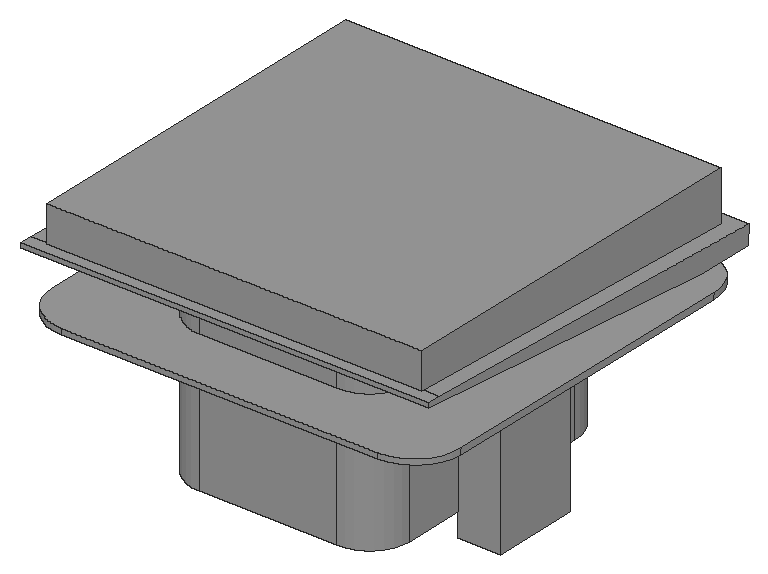
Revit family "Gira_126200", category Electrical Fixtures, host Face, Revit 2017
Family settings
  Host = Face
  Maintain Annotation Orientation = Yes
  Round Connector Dimension = Use Diameter
  Part Type = Normal
  Cut with Voids When Loaded = No
  Shared = No
  Room Calculation Point = No
Parameters (values of type "Call btn 1-g door st. Gira TX_44 (WP FM)")
  URL = "http://katalog.gira.de/en/datenblatt.html?artikelnr=126200"
  Suitable for = "Outdoor station"
  Name = "Call btn 1-g door st. Gira TX_44 (WP FM)"
  Material = "Other"
  Manufacturer URL = "https://www.gira.de/"
  Manufacturer = "Gira"
  Keynote = ""
  HeinzeBIM = "https://bimportal.heinze.de/bim/call-btn-1-g-door-st-gira-tx-44-wp-fm-/1f3cb5c28f39349994fee78ce8bc4f383a46ae68"
  HAN = "126200"
  GTIN = "4010337262008"
  Description = "C.btn 1g door st. TX_44,Call Button, 1-gang for Door Station,,Program-neutral,Features:,- Installation in a conventional flush-mounted device box.,- Fits in the cover frames of the Gira TX_44 switch range.,- Modular design, allowing easy installation and expandability.,- Signal transmission and supply of the audio and video components via reverse-polarity-protected and short-circuit-proof 2-wire bus.,- The door station can be extended with an additional call button (up to 14 call button inserts, 1- or 3-gang can be connected to one door station).,- Call button LED lamps, white light. Even, clearly visible call-button illumination is achieved via maintenance-free, energy-saving LED technology.,- Sprayed-water proof call-button cover plate made of shock-resistant plastic.,- Name plate can be exchanged without tools and without frame disassembly.,- Professional labelling is available from the Gira Inscription Service www.marking.gira.com or using the Gira inscription software."
  Default Elevation = 1219.2 mm
  Data sheet (1) = "https://katalog.gira.de/en/download.html?artikelnr=126200"
  Category = "Mounting accessories for door communication"
  BIM (1) = "https://media.stage.bim.site/public/gira/36a6b08/TX44_Komplettgerät_Schalten und Tasten.rfa?public/gira/36a6b08/TX44_Komplettgerät_Schalten und Tasten.rfa"
  Available = "No"
Reference planes
  plane 1 "Center (Front/Back)": y = 0
  plane 2 "Reference Level 0": z = 0
  plane 3 "Center (Left/Right)": x = 0
  plane 4: z = -28.6
Forms (mm)
  Extrusion 1, solid, material "Default", detail levels fine
    sketch origin (0, 0, 0) x (1, 0, 0) y (0, 1, 0)
      loop
        line (-32.604, 32.5) -> (-32.604, -32.5) -> (32.735, -32.5) -> (32.735, 32.5) -> (-32.604, 32.5)
    from 0 to 12.3
  Extrusion 2, solid, material "Default", detail levels fine
    sketch origin (0, 0, 0) x (0, 1, 0) y (0, 0, 1)
      loop
        line (35, 3.483) -> (-32.2, 6) -> (-34.55, 6) -> (-34.536, 5.199) -> (24.886, 0) -> (34.939, 0) -> (35, 3.483)
    from -35.5 to 35.5
  Extrusion 3, void
    sketch origin (0, 0, 0) x (0, 1, 0) y (0, 0, 1)
      loop
        line (42.419, 3.205) -> (-32.2, 6) -> (-42.193, 6) -> (-42.193, -11.826) -> (42.419, -11.826) -> (42.419, 3.205)
    from -64.194 to 61.264
  Extrusion 4, solid, material "Default", detail levels fine
    sketch origin (0, 0, 0) x (1, 0, 0) y (0, 1, 0)
      loop
        arc (35.5, 27.5) -> (33.157, 33.157) -> (27.5, 35.5) r 8
        line (27.5, 35.5) -> (-27.5, 35.5)
        arc (-27.5, 35.5) -> (-33.157, 33.157) -> (-35.5, 27.5) r 8
        line (-35.5, 27.5) -> (-35.5, -27.5)
        arc (-35.5, -27.5) -> (-33.157, -33.157) -> (-27.5, -35.5) r 8
        line (-27.5, -35.5) -> (27.5, -35.5)
        arc (27.5, -35.5) -> (33.157, -33.157) -> (35.5, -27.5) r 8
        line (35.5, -27.5) -> (35.5, 27.5)
    from -4.1 to -5.1
  Extrusion 5, solid, material "Default", detail levels fine
    sketch origin (0, 0, 0) x (1, 0, 0) y (0, 1, 0)
      loop
        arc (-12, 25) -> (-16.95, 22.95) -> (-19, 18) r 7
        line (-19, 18) -> (-19, -18)
        arc (-19, -18) -> (-16.95, -22.95) -> (-12, -25) r 7
        line (-12, -25) -> (12, -25)
        arc (12, -25) -> (16.95, -22.95) -> (19, -18) r 7
        line (19, -18) -> (19, 18)
        arc (19, 18) -> (16.95, 22.95) -> (12, 25) r 7
        line (12, 25) -> (-12, 25)
    from 4.692 to -28.6
  Extrusion 6, solid, material "Default", detail levels fine
    sketch origin (0, 0, 0) x (1, 0, 0) y (0, 1, 0)
      loop
        line (-26.5, -7.5) -> (-19, -7.5) -> (-19, 7.5) -> (-26.5, 7.5) -> (-26.5, -7.5)
    from -5.1 to -32.6
  Extrusion 7, solid, material "Default", detail levels fine
    sketch origin (0, 0, 0) x (-1, 0, 0) y (0, -1, 0)
      loop
        line (-26.5, 7.5) -> (-26.5, -7.5) -> (-19, -7.5) -> (-19, 7.5) -> (-26.5, 7.5)
    from -5.1 to -32.6
  Extrusion 8, solid, material "Default", detail levels medium
    sketch origin (0, 0, 0) x (1, 0, 0) y (0, 1, 0)
      loop
        line (-32.604, 32.5) -> (-32.604, -32.5) -> (32.735, -32.5) -> (32.735, 32.5) -> (-32.604, 32.5)
    from 0 to 12.3
  Extrusion 9, solid, material "Default", detail levels medium
    sketch origin (0, 0, 0) x (0, 1, 0) y (0, 0, 1)
      loop
        line (35, 3.483) -> (-32.2, 6) -> (-34.55, 6) -> (-34.445, 0) -> (34.939, 0) -> (35, 3.483)
    from -35.5 to 35.5
  Extrusion 10, solid, material "Default", detail levels medium
    sketch origin (0, 0, 0) x (1, 0, 0) y (0, 1, 0)
      loop
        line (-26.5, 25) -> (-26.5, -25) -> (26.5, -25) -> (26.5, 25) -> (-26.5, 25)
    from 4.692 to -32.6
  Extrusion 11, solid, material "Default", detail levels medium
    sketch origin (0, 0, 0) x (1, 0, 0) y (0, 1, 0)
      loop
        line (35.5, 35.5) -> (-35.5, 35.5) -> (-35.5, -35.5) -> (35.5, -35.5) -> (35.5, 35.5)
    from -4.1 to -5.1
  Extrusion 12, solid, material "Default", detail levels coarse
    sketch origin (0, 0, 0) x (1, 0, 0) y (0, 1, 0)
      loop
        line (35.5, 35.5) -> (-35.5, 35.5) -> (-35.5, -35.5) -> (35.5, -35.5) -> (35.5, 35.5)
    from -32.6 to 12.3
Cuts and joins
  Extrusion 3 cuts Extrusion 1
  joined: Extrusion 1, Extrusion 2, Extrusion 4, Extrusion 5, Extrusion 6, Extrusion 7
Dimensions and locks
  Extrusion 12 to Extrusion 12 = 44.9 mm
  aligned and locked: plane 2 "Reference Level 0" to host face
  aligned and locked: level to host face
  aligned and locked: plane 3 "Center (Left/Right)" to nested 1
  aligned and locked: plane 1 "Center (Front/Back)" to nested 1
Nested families
  nested 1: "Schalter" at (0, 0, 0), type "Schalter"
Connectors
  electrical at (0, 0, -32.6)
    settings: on Extrusion 12, index 1, voltage 220 V, apparent load 0 VA, apparent load phase1 0 VA, apparent load phase2 0 VA, apparent load phase3 0 VA, power factor 1, load classification "Other", number of poles 1, system type 30, power factor state 1, is connector primary yes, connector utility no, sub classification motor no, connector description ""
Definition of nested family "Schalter"
  Reference planes
    plane 1: y = 0
    plane 2: x = 0
  Lines and regions (mm)
    detail lines
      curve 1: circle (1.375, 2.778, 0) r 0.8 normal (0, 0, 1)
      curve 2: line (1.021, 2.061, 0) -> (0, 0, 0)
      curve 3: line (0, 0, 0) -> (-0.538, 0.266, 0)
  Dimensions and locks
    curve 2 to curve 2 = 2.3 mm
    curve 3 to curve 2 = 0.6 mm
    radius of curve 1 = 0.8 mm
